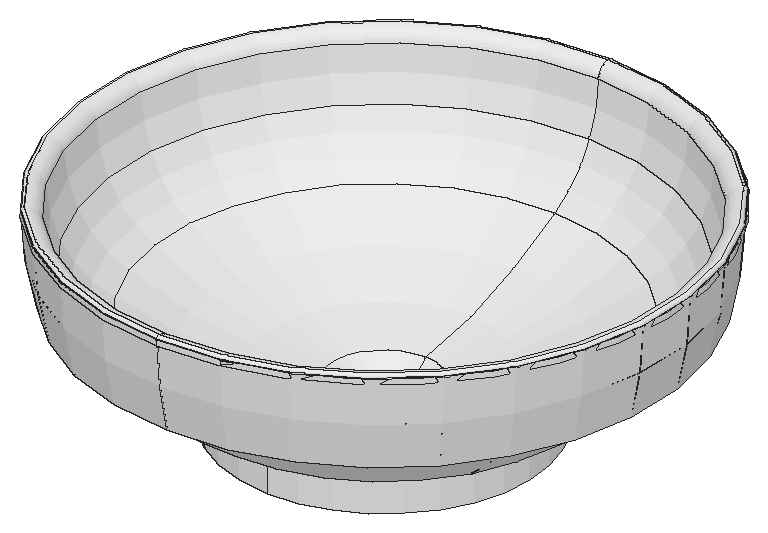
Revit family "WashBasin-40cm-BowlCounterTop-Vitra_WaterJewelsSeries_4334", category Plumbing Fixtures, host Face, Revit 2017
Family settings
  Host = Face
  Round Connector Dimension = Use Diameter
  Part Type = Normal
  OmniClass Number = 23.45.05.14.14
  OmniClass Title = Sinks/Lavatories
  Cut with Voids When Loaded = No
  Shared = Yes
  Room Calculation Point = No
Parameters (values of type "WashBasin(CounterTop)-Vitra_WaterJewelsSeries(White)_4334B003-1361")
  Youtube = "https://www.youtube.com/user/VitrAglobal"
  Weight Net (kg) = "6.8"
  Waste Connection = yes
  Warranty Period (Year) = "10 Years"
  Vent Connection = no
  Uniformat II Description = "Plumbing Fixtures"
  Uniformat II Code = "D2010"
  Uniclass 2015 Name = "Wash basins Sinks and troughs"
  Uniclass 2015 Code = "Pr_40_20_96_81"
  Uniclass 2.0 Description = "Sanitary Dispensing And Disposal Units"
  Uniclass 2.0 Code = "SS-35-65-70-94"
  Uniclass 1.4 Description = "Washbasins"
  Uniclass 1.4 Code = "L7212"
  UNSPSC Description = ""
  UNSPSC Code = "301815"
  Third Material = White
  Technical description = "https://www.vitraglobal.com/sanitaryware-complementary-products/washbasin/bowl/water-jewels-bowl-40cm-sku-4334b003-1361/print"
  Tap hole Options (default) = ""
  Specification = ""
  Secondary Material = White
  Region South America = "All"
  Region Oceania = "All"
  Region North America = "All"
  Region Middle East = "All"
  Region Europe = "All"
  Region Asia = "All"
  Region Antarctica = "None"
  Region Africa = "All"
  Product url = ""
  Product manual = ""
  Product group = "Water Jewels"
  Product family = "Counter Top Washbasins"
  Product data url = "https://www.vitraglobal.com/sanitaryware-complementary-products/washbasin/bowl/water-jewels-bowl-40cm-sku-4334b003-1361"
  Product certification = "https://www.vitra.com.tr/kataloglar/"
  Product SKU = "4334B003-1361"
  Product Guid = "https://cdn.vitra.com.tr/501-4334B003-1361-KK.pdf"
  Primary Material = White
  OmniClass Description = "Sinks/Lavatories"
  OmniClass Code = "23.45.05.14.14"
  Nominal Width (mm) = 400 mm
  Nominal Height (mm) = 140 mm
  Nominal Depth (mm) = 400 mm
  NBS Referans Description = "Wash Basin Systems"
  NBS Referans Code = "35-65-70-94"
  Mounting type = "Countertop"
  Model = "4334B003-1361"
  Masterformat 2014 Description = "Residential Lavatories and Sinks"
  Masterformat 2014 Code = "22 41 16"
  Manufacturer name = "Vitra"
  Manufacturer = "VitrA"
  Main Material = "Ceramic"
  Installation instructions = ""
  IFC Classification = "Sanitary Terminal"
  HW Connection = no
  EAN code = ""
  Design country = "Turkey"
  Description = "VitrA WaterJewelsSeries Bowl 40cm"
  Default Elevation = 850 mm
  Color = "White"
  CW Connection = no
  COBIe Type Category = ""
  Brand = "VitrA"
  BIMobject category = "Sanitary - Basins"
  Article No. (default) = "4334B003-1361"
  Accessories (default) = ""
Types (19, lengths in mm): name | Waste Connection | Third Material | Technical description | Secondary Material | Product url | Product data url | Product certification | Product SKU | Primary Material | Model | Color | Article No. (default)
  WashBasin(CounterTop)-Vitra_WaterJewelsSeries(Black-White)_4334B097-1747 | yes | Black | "https://www.vitraglobal.com/pdf/4334B097-1747/" | White | "" | "https://www.vitraglobal.com/bathroom-sanitaryware/washbasins/bowls/water-jewels-bowl-sku-4334B097-1747/" | "https://www.vitra.com.tr/kataloglar/" | "4334B097-1747" | Black | "4334B097-1747" | "Black & White" | "4334B097-1747"
  WashBasin(CounterTop)-Vitra_WaterJewelsSeries(CopperPatterned)_4334B073-2100 | yes | Copper | "https://www.vitraglobal.com/sanitaryware-complementary-products/washbasin/bowl/water-jewels-bowl-40cm-sku-4334b073-2100/print" | Copper | "" | "https://www.vitraglobal.com/sanitaryware-complementary-products/washbasin/bowl/water-jewels-bowl-40cm-sku-4334b073-2100" | "https://www.vitra.com.tr/kataloglar/" | "4334B073-2100" | Copper | "4334B073-2100" | "Copper Patterned" | "4334B073-2100"
  WashBasin(CounterTop)-Vitra_WaterJewelsSeries(Copper)_4334B073-0016 | yes | Copper | "https://www.vitraglobal.com/sanitaryware-complementary-products/washbasin/bowl/water-jewels-bowl-40cm-sku-4334b073-0016/print" | Copper | "" | "https://www.vitraglobal.com/sanitaryware-complementary-products/washbasin/bowl/water-jewels-bowl-40cm-sku-4334b073-0016" | "https://www.vitra.com.tr/kataloglar/" | "4334B073-0016" | Copper | "4334B073-0016" | "Copper" | "4334B073-0016"
  WashBasin(CounterTop)-Vitra_WaterJewelsSeries(Gold-Patterned)_4334B072-2100 | no | Gold | "https://www.vitraglobal.com/sanitaryware-complementary-products/washbasin/bowl/water-jewels-bowl-40cm-sku-4334b072-2100/print" | Gold | "" | "https://www.vitraglobal.com/sanitaryware-complementary-products/washbasin/bowl/water-jewels-bowl-40cm-sku-4334b072-2100" | "https://www.vitra.com.tr/kataloglar/" | "4334B072-2100" | Gold | "4334B072-2100" | "Gold Patterned" | "4334B072-2100"
  WashBasin(CounterTop)-Vitra_WaterJewelsSeries(Gold)_4334B072-0016 | yes | Gold | "https://www.vitraglobal.com/sanitaryware-complementary-products/washbasin/bowl/water-jewels-bowl-40cm-sku-4334b072-0016/print" | Gold | "" | "https://www.vitraglobal.com/sanitaryware-complementary-products/washbasin/bowl/water-jewels-bowl-40cm-sku-4334b072-0016" | "https://www.vitra.com.tr/kataloglar/" | "4334B072-0016" | Gold | "4334B072-0016" | "Gold" | "4334B072-0016"
  WashBasin(CounterTop)-Vitra_WaterJewelsSeries(Platinum-Patterned)_4334B071-2100 | yes | Platinum | "https://www.vitraglobal.com/sanitaryware-complementary-products/washbasin/bowl/water-jewels-bowl-40cm-sku-4334b071-2100/print" | Platinum | "" | "https://www.vitraglobal.com/sanitaryware-complementary-products/washbasin/bowl/water-jewels-bowl-40cm-sku-4334b071-2100" | "https://www.vitra.com.tr/kataloglar/" | "4334B071-2100" | Platinum | "4334B071-2100" | "Platinum Patterned" | "4334B071-2100"
  WashBasin(CounterTop)-Vitra_WaterJewelsSeries(Platinum)_4334B071-0016 | yes | White | "https://www.vitraglobal.com/sanitaryware-complementary-products/washbasin/bowl/water-jewels-bowl-40cm-sku-4334b071-0016/print" | Platinum | "" | "https://www.vitraglobal.com/sanitaryware-complementary-products/washbasin/bowl/water-jewels-bowl-40cm-sku-4334b071-0016" | "https://www.vitraglobal.com/brochures/" | "4334B071-0016" | Platinum | "4334B071-0016" | "Platinum" | "4334B071-0016"
  WashBasin(CounterTop)-Vitra_WaterJewelsSeries(Black)_4334B070-0016 | yes | Black | "https://www.vitraglobal.com/sanitaryware-complementary-products/washbasin/bowl/water-jewels-bowl-40cm-sku-4334b070-0016/print" | Black | "" | "https://www.vitraglobal.com/sanitaryware-complementary-products/washbasin/bowl/water-jewels-bowl-40cm-sku-4334b070-0016" | "https://www.vitra.com.tr/kataloglar/" | "4334B070-0016" | Black | "4334B070-0016" | "Black" | "4334B070-0016"
  WashBasin(CounterTop)-Vitra_WaterJewelsSeries(Terracota-Turquise)_4334B049-0016 | yes | Terracota | "https://www.vitraglobal.com/sanitaryware-complementary-products/washbasin/bowl/water-jewels-bowl-40cm-sku-4334b049-0016/print" | Turquies | "" | "https://www.vitraglobal.com/sanitaryware-complementary-products/washbasin/bowl/water-jewels-bowl-40cm-sku-4334b049-0016" | "https://www.vitra.com.tr/kataloglar/" | "4334B049-0016" | Terracota | "4334B049-0016" | "Terracota-Turquies" | "4334B049-0016"
  WashBasin(CounterTop)-Vitra_WaterJewelsSeries(Terracota-Blue)_4334B043-0016 | yes | Terracota | "https://www.vitraglobal.com/sanitaryware-complementary-products/washbasin/bowl/water-jewels-bowl-40cm-sku-4334b043-0016/print" | Blue | "" | "https://www.vitraglobal.com/sanitaryware-complementary-products/washbasin/bowl/water-jewels-bowl-40cm-sku-4334b043-0016" | "https://www.vitra.com.tr/kataloglar/" | "4334B043-0016" | Terracota | "4334B043-0016" | "Terracota-Blue" | "4334B043-0016"
  WashBasin(CounterTop)-Vitra_WaterJewelsSeries(White)_4334B003-1361 | yes | White | "https://www.vitraglobal.com/sanitaryware-complementary-products/washbasin/bowl/water-jewels-bowl-40cm-sku-4334b003-1361/print" | White | "" | "https://www.vitraglobal.com/sanitaryware-complementary-products/washbasin/bowl/water-jewels-bowl-40cm-sku-4334b003-1361" | "https://www.vitra.com.tr/kataloglar/" | "4334B003-1361" | White | "4334B003-1361" | "White" | "4334B003-1361"
  WashBasin(CounterTop)-Vitra_WaterJewelsSeries(White)_4334B003H1361 | yes | White | "https://www.vitra-india.com/pdf/4334B003H1361/" | White | "https://www.vitra-india.com/bathroom-sanitaryware/washbasins/bowls/water-jewels-bowl-sku-4334B003H1361/" | "" | "https://www.vitra.com.tr/kataloglar/" | "4334B003H1361" | White | "4334B003H1361" | "White" | "4334B003H1361"
  WashBasin(CounterTop)-Vitra_WaterJewelsSeries(Black)_4334B070H0016 | yes | Black | "https://www.vitra-india.com/pdf/4334B070H0016/" | Black | "https://www.vitra-india.com/bathroom-sanitaryware/washbasins/bowls/water-jewels-bowl-sku-4334B070H0016/" | "" | "https://www.vitra.com.tr/kataloglar/" | "4334B070H0016" | Black | "4334B070H0016" | "Black" | "4334B070H0016"
  WashBasin(CounterTop)-Vitra_WaterJewelsSeries(Platinum)_4334B071H0016 | yes | White | "https://www.vitra-india.com/pdf/4334B071H0016/" | Platinum | "https://www.vitra-india.com/bathroom-sanitaryware/washbasins/bowls/water-jewels-bowl-sku-4334B071H0016/" | "" | "https://www.vitraglobal.com/brochures/" | "4334B071H0016" | Platinum | "4334B071H0016" | "Platinum" | "4334B071H0016"
  WashBasin(CounterTop)-Vitra_WaterJewelsSeries(Gold)_4334B072H0016 | yes | Gold | "https://www.vitra-india.com/pdf/4334B072H0016/" | Gold | "https://www.vitra-india.com/bathroom-sanitaryware/washbasins/bowls/water-jewels-bowl-sku-4334B072H0016/" | "" | "https://www.vitra.com.tr/kataloglar/" | "4334B072H0016" | Gold | "4334B072H0016" | "Gold" | "4334B072H0016"
  WashBasin(CounterTop)-Vitra_WaterJewelsSeries(Copper)_4334B073H0016 | yes | Copper | "https://www.vitra-india.com/pdf/4334B073H0016/" | Copper | "https://www.vitra-india.com/bathroom-sanitaryware/washbasins/bowls/water-jewels-bowl-sku-4334B073H0016/" | "" | "https://www.vitra.com.tr/kataloglar/" | "4334B073H0016" | Copper | "4334B073H0016" | "Copper" | "4334B073H0016"
  WashBasin(CounterTop)-Vitra_WaterJewelsSeries(White)_4334B071H2300 | yes | White | "https://www.vitra-india.com/pdf/4334B071H2300/" | White | "https://www.vitra-india.com/bathroom-sanitaryware/washbasins/bowls/water-jewels-bowl-sku-4334B071H2300/" | "" | "https://www.vitra.com.tr/kataloglar/" | "4334B071H2300" | Platinum | "4334B071H2300" | "White" | "4334B071H2300"
  WashBasin(CounterTop)-Vitra_WaterJewelsSeries(White)_4334B072H2300 | yes | White | "https://www.vitra-india.com/pdf/4334B072H2300/" | White | "https://www.vitra-india.com/bathroom-sanitaryware/washbasins/bowls/water-jewels-bowl-sku-4334B072H2300/" | "" | "https://www.vitra.com.tr/kataloglar/" | "4334B072H2300" | Gold | "4334B072H2300" | "White" | "4334B072H2300"
  WashBasin(CounterTop)-Vitra_WaterJewelsSeries(White)_4334B073H2300 | yes | White | "https://www.vitra-india.com/pdf/4334B073H2300/" | White | "https://www.vitra-india.com/bathroom-sanitaryware/washbasins/bowls/water-jewels-bowl-sku-4334B073H2300/" | "" | "https://www.vitra.com.tr/kataloglar/" | "4334B073H2300" | Copper | "4334B073H2300" | "White" | "4334B073H2300"
Reference planes
  plane 1 "Center (Front/Back)": y = 0
  plane 2: z = 0
  plane 3 "Center (Left/Right)": x = 0
  plane 4: y = 198.582
  plane 5: x = 200
  plane 6: x = -200
  plane 7: y = -201.418
  plane 8: z = 140
Forms (mm)
  Revolve 1, solid, material "White" <- "Secondary Material", detail levels fine
    sketch origin (0, 0, 0) x (0, 1, 0) y (0, 0, 1)
      loop
        line (23.134, 1.032) -> (102.552, 1.032) -> (102.552, 23.902)
        arc (102.552, 23.902) -> (145.077, 46.639) -> (179.871, 80.028) r 176.685
        line (179.871, 80.028) -> (191.23, 80.028)
        arc (191.23, 80.028) -> (197.657, 110.064) -> (200.183, 140.676) r 239.268
        arc (200.183, 140.676) -> (199.46, 142.34) -> (197.729, 142.885) r 2.187
        arc (197.729, 142.885) -> (191.41, 140.535) -> (187.999, 134.721) r 10.05
        arc (187.999, 134.721) -> (185.735, 117.283) -> (180.125, 100.618) r 90.066
        arc (180.125, 100.618) -> (167.688, 81.54) -> (150.015, 67.177) r 73.619
        arc (150.015, 67.177) -> (95.507, 40.382) -> (36.489, 26.032) r 278.669
        line (36.489, 26.032) -> (23.134, 15.352) -> (23.134, 1.032)
      axis (0, 1.032) -> (0, 142.885)
    angle from 0 to 360
  Revolve 2, solid, material "White" <- "Third Material", detail levels fine
    sketch origin (0, 0, 0) x (0, 1, 0) y (0, 0, 1)
      loop
        line (23.212, 0.954) -> (102.63, 0.954) -> (102.63, 23.824)
        arc (102.63, 23.824) -> (145.155, 46.561) -> (179.949, 79.95) r 176.685
        line (179.949, 79.95) -> (191.308, 79.95)
        arc (191.308, 79.95) -> (197.735, 109.986) -> (200.261, 140.598) r 239.268
        line (200.261, 140.598) -> (195.888, 140.598)
        arc (195.888, 140.598) -> (163.323, 68.416) -> (93.589, 30.894) r 123.387
        arc (93.589, 30.894) -> (56.631, 20.083) -> (23.212, 0.954) r 164.046
      axis (0, 0.954) -> (0, 140.598)
    angle from 0 to 360
  Revolve 3, solid, detail levels medium
    sketch origin (0, 0, 0) x (0, 1, 0) y (0, 0, 1)
      loop
        line (0, 0) -> (0, 39.916)
        arc (0, 39.916) -> (-105.333, 68.039) -> (-185, 142.463) r 224.52
        line (-185, 142.463) -> (-201.418, 142.463)
        arc (-201.418, 142.463) -> (-199.753, 110.658) -> (-191.308, 79.95) r 147.698
        arc (-191.308, 79.95) -> (-157.78, 30.506) -> (-106.418, 0) r 137.189
        line (-106.418, 0) -> (0, 0)
      axis (0, 142.463) -> (0, 0)
    angle from 0 to 360
  Extrusion 4, solid, detail levels coarse
    sketch origin (0, 0, 0.034) x (1, 0, 0) y (0, 1, 0)
      loop
        circle (0, 0) r 201.418
    from 0 to 142.429
  Revolve 5, solid, material "White" <- "Primary Material", detail levels medium+fine
    sketch origin (0, 0, 0) x (0, 1, 0) y (0, 0, 1)
      loop
        line (200.323, 137.134) -> (200.323, 140.741)
        arc (200.323, 140.741) -> (200.08, 141.327) -> (199.493, 141.57) r 0.829
        line (199.493, 141.57) -> (198.372, 141.57) -> (198.372, 137.134) -> (200.323, 137.134)
      axis (0, 141.57) -> (0, 137.134)
    angle from 0 to 360
Dimensions and locks
  "Nominal Width (mm)": plane 6 to plane 5
  "Nominal Depth (mm)": plane 7 to plane 4
  "Nominal Height (mm)": plane 8 to host face
  aligned and locked: plane 2 to host face
  aligned and locked: level to host face
Automatic sketch dimensions
  host sketch curve to host sketch curve = 2438.4 mm  (x2)
  Revolve 1 sketch curve to plane 1 "Center (Front/Back)" = 0 mm
  plane 8 to Revolve 1 sketch curve = 5.007 mm
  plane 1 "Center (Front/Back)" to Revolve 1 sketch curve = 39.046 mm
  Revolve 1 sketch curve to plane 1 "Center (Front/Back)" = 0.555 mm
  Revolve 1 sketch curve to plane 1 "Center (Front/Back)" = 23.134 mm
  Revolve 1 sketch curve to Revolve 1 sketch curve = 13.356 mm
  Revolve 1 sketch curve to plane 1 "Center (Front/Back)" = 41.285 mm
  Revolve 1 sketch curve to plane 8 = 2.456 mm
  Revolve 1 sketch curve to Revolve 1 sketch curve = 56.693 mm
  level to Revolve 1 sketch curve = 23.902 mm
  Revolve 1 sketch curve to Revolve 1 sketch curve = 66.063 mm
  Revolve 1 sketch curve to plane 8 = 9.199 mm
  Revolve 1 sketch curve to Revolve 1 sketch curve = 15.001 mm
  Revolve 1 sketch curve to plane 4 = 18.711 mm
  Revolve 1 sketch curve to plane 4 = 7.353 mm
  Revolve 1 sketch curve to plane 4 = 0.711 mm
  Revolve 1 sketch curve to plane 4 = 0.585 mm
  level to Revolve 1 sketch curve = 15.352 mm
  level to Revolve 1 sketch curve = 1.032 mm
  Revolve 1 sketch curve to Revolve 1 sketch curve = 10.68 mm
  level to Revolve 1 sketch curve = 80.028 mm
  Revolve 1 sketch curve to plane 8 = 7.164 mm
  plane 8 to Revolve 1 sketch curve = 0.715 mm
  Revolve 1 sketch curve to Revolve 1 sketch curve = 112.751 mm
  Revolve 1 sketch curve to Revolve 1 sketch curve = 29.856 mm
  Revolve 1 sketch curve to Revolve 1 sketch curve = 0 mm
  Revolve 1 sketch curve to plane 8 = 5.279 mm
  Revolve 1 sketch curve to plane 4 = 0.853 mm
  level to Revolve 1 sketch curve = 13.532 mm
  Revolve 1 sketch curve to Revolve 1 sketch curve = 45 mm
  Revolve 2 sketch curve to plane 1 "Center (Front/Back)" = 0 mm
  plane 8 to Revolve 2 sketch curve = 4.929 mm
  plane 1 "Center (Front/Back)" to Revolve 2 sketch curve = 38.968 mm
  level to Revolve 2 sketch curve = 0.954 mm
  Revolve 2 sketch curve to plane 1 "Center (Front/Back)" = 23.212 mm
  Revolve 2 sketch curve to plane 1 "Center (Front/Back)" = 41.363 mm
  plane 8 to Revolve 2 sketch curve = 12.565 mm
  Revolve 2 sketch curve to Revolve 2 sketch curve = 31.721 mm
  Revolve 2 sketch curve to Revolve 2 sketch curve = 79.418 mm
  Revolve 2 sketch curve to plane 4 = 77.731 mm
  Revolve 2 sketch curve to plane 4 = 18.633 mm
  Revolve 2 sketch curve to plane 4 = 7.274 mm
  plane 8 to Revolve 2 sketch curve = 0.598 mm
  Revolve 2 sketch curve to plane 4 = 2.694 mm
  plane 4 to Revolve 2 sketch curve = 1.679 mm
  Revolve 2 sketch curve to level = 130.87 mm
  Revolve 2 sketch curve to Revolve 2 sketch curve = 7.071 mm
  level to Revolve 2 sketch curve = 5.954 mm
  Revolve 2 sketch curve to Revolve 2 sketch curve = 47.197 mm
  Revolve 3 sketch curve to plane 7 = 0 mm
  Revolve 3 sketch curve to level = 0 mm
  Revolve 3 sketch curve to plane 1 "Center (Front/Back)" = 0 mm  (x2)
  plane 8 to Revolve 3 sketch curve = 2.463 mm
  plane 7 to Revolve 3 sketch curve = 16.418 mm
  plane 7 to Revolve 3 sketch curve = 95 mm
  Revolve 3 sketch curve to plane 8 = 9.624 mm
  plane 1 "Center (Front/Back)" to Revolve 3 sketch curve = 63.722 mm
  Revolve 3 sketch curve to plane 8 = 5.761 mm
  Revolve 3 sketch curve to Revolve 3 sketch curve = 9.774 mm
  Revolve 3 sketch curve to plane 1 "Center (Front/Back)" = 3.517 mm
  Revolve 3 sketch curve to Revolve 3 sketch curve = 39.916 mm
  Revolve 3 sketch curve to plane 8 = 32.537 mm
  Revolve 3 sketch curve to plane 8 = 7.537 mm
  plane 1 "Center (Front/Back)" to Extrusion 4 sketch curve = 0 mm
  Extrusion 4 sketch curve to plane 3 "Center (Left/Right)" = 0 mm
  Revolve 5 sketch curve to plane 1 "Center (Front/Back)" = 0 mm
  Revolve 5 sketch curve to plane 4 = 0.21 mm
  plane 4 to Revolve 5 sketch curve = 0.911 mm
  Revolve 5 sketch curve to Revolve 5 sketch curve = 0.829 mm
  Revolve 5 sketch curve to plane 8 = 2.866 mm
  plane 8 to Revolve 5 sketch curve = 0.741 mm
  plane 8 to Revolve 5 sketch curve = 21.57 mm
  Revolve 5 sketch curve to Revolve 5 sketch curve = 30 mm
  radius of Extrusion 4 sketch curve = 201.418 mm
Connectors
  piping at (0, 0, 1.032), diameter 50
    settings: on Revolve 1, index 2, connector inside diameter 609.6 mm, connector length 0 mm, flow factor 0, pipe flow 0.0 L/s, pressure drop 0.0 Pa, fitting loss kfactor 0, connector angle 0.00°, fixture units 0, engagement length 0 mm, angle of deflection 0.00°, flow configuration 0, flow direction 2, fitting loss method 0, system type 16, joint type 0, gender type 0, connector reference index -1, connector utility 0, adjustable connector no, is connector primary yes, connector description ""
